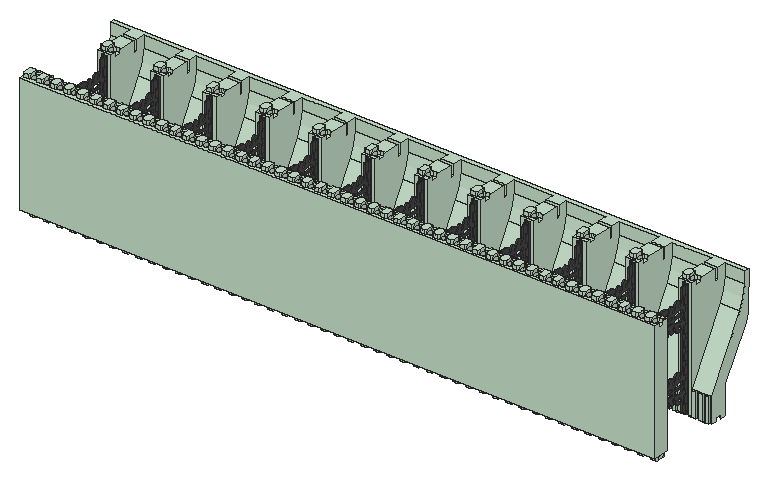
Revit family "ICF- NUDURA 8-inch- Brick Ledge Form Unit- Imperial", category Generic Models, Revit 2011 (continued)
Definition of nested family "NUDURA Brick Ledge Diamond Pattern"
  Lines and regions (in)
    model lines
      curve 3: line (2, -5.625, 4) -> (2, -5.625, 0)
      curve 4: arc (4.634, -5.625, 3.48484) -> (4.74384, -5.625, 3.75) -> (4.634, -5.625, 4.01517) r 0.375
      curve 5: line (4.29059, -5.625, 3.14142) -> (4.634, -5.625, 3.48484)
      curve 6: line (3.35367, -5.625, 3.48484) -> (3.69709, -5.625, 3.14142)
      curve 7: arc (3.35367, -5.625, 4.01517) -> (3.24384, -5.625, 3.75) -> (3.35367, -5.625, 3.48484) r 0.375
      curve 8: arc (4.17062, -5.625, 4.30178) -> (3.99384, -5.625, 4.375) -> (3.81706, -5.625, 4.30178) r 0.25
      curve 9: line (3.81706, -5.625, 4.30178) -> (3.44206, -5.625, 3.92678)
      curve 10: arc (3.44206, -5.625, 3.92678) -> (3.36884, -5.625, 3.75) -> (3.44206, -5.625, 3.57322) r 0.25
      curve 11: line (3.44206, -5.625, 3.57322) -> (3.81706, -5.625, 3.19822)
      curve 12: arc (3.81706, -5.625, 3.19822) -> (3.99384, -5.625, 3.125) -> (4.17062, -5.625, 3.19822) r 0.25
      curve 13: line (4.17062, -5.625, 3.19822) -> (4.54562, -5.625, 3.57322)
      curve 14: arc (4.54562, -5.625, 3.57322) -> (4.61884, -5.625, 3.75) -> (4.54562, -5.625, 3.92678) r 0.25
      curve 15: line (4.54562, -5.625, 3.92678) -> (4.17062, -5.625, 4.30178)
      curve 16: arc (3.69709, -5.625, 2.85858) -> (3.75567, -5.625, 3) -> (3.69709, -5.625, 3.14142) r 0.2
      curve 17: line (4.634, -5.625, 2.51517) -> (4.29059, -5.625, 2.85858)
      curve 18: arc (4.634, -5.625, 1.98484) -> (4.74384, -5.625, 2.25) -> (4.634, -5.625, 2.51517) r 0.375
      curve 19: line (4.29059, -5.625, 1.64142) -> (4.634, -5.625, 1.98484)
      curve 20: line (3.35367, -5.625, 1.98484) -> (3.69709, -5.625, 1.64142)
      curve 21: arc (3.35367, -5.625, 2.51517) -> (3.24384, -5.625, 2.25) -> (3.35367, -5.625, 1.98484) r 0.375
      curve 22: line (3.69709, -5.625, 2.85858) -> (3.35367, -5.625, 2.51517)
      curve 23: arc (4.17062, -5.625, 2.80178) -> (3.99384, -5.625, 2.875) -> (3.81706, -5.625, 2.80178) r 0.25
      curve 24: line (3.81706, -5.625, 2.80178) -> (3.44206, -5.625, 2.42678)
      curve 25: arc (3.44206, -5.625, 2.42678) -> (3.36884, -5.625, 2.25) -> (3.44206, -5.625, 2.07322) r 0.25
      curve 26: line (3.44206, -5.625, 2.07322) -> (3.81706, -5.625, 1.69822)
      curve 27: arc (3.81706, -5.625, 1.69822) -> (3.99384, -5.625, 1.625) -> (4.17062, -5.625, 1.69822) r 0.25
      curve 28: line (4.17062, -5.625, 1.69822) -> (4.54562, -5.625, 2.07322)
      curve 29: arc (4.54562, -5.625, 2.07322) -> (4.61884, -5.625, 2.25) -> (4.54562, -5.625, 2.42678) r 0.25
      curve 30: line (4.54562, -5.625, 2.42678) -> (4.17062, -5.625, 2.80178)
      curve 31: arc (3.69709, -5.625, 1.35858) -> (3.75567, -5.625, 1.5) -> (3.69709, -5.625, 1.64142) r 0.2
      curve 32: line (3.69709, -5.625, 1.35858) -> (3.35367, -5.625, 1.01517)
      curve 33: arc (3.35367, -5.625, 1.01517) -> (3.24384, -5.625, 0.75) -> (3.35367, -5.625, 0.48484) r 0.375
      curve 34: line (3.35367, -5.625, 0.48484) -> (3.72867, -5.625, 0.10984)
      curve 35: arc (3.72867, -5.625, 0.10984) -> (3.99384, -5.625, 0) -> (4.259, -5.625, 0.10984) r 0.375
      curve 36: line (4.259, -5.625, 0.10984) -> (4.634, -5.625, 0.48484)
      curve 37: arc (4.634, -5.625, 0.48484) -> (4.74384, -5.625, 0.75) -> (4.634, -5.625, 1.01517) r 0.375
      curve 38: line (4.634, -5.625, 1.01517) -> (4.29059, -5.625, 1.35858)
      curve 39: arc (4.29059, -5.625, 1.64142) -> (4.23201, -5.625, 1.5) -> (4.29059, -5.625, 1.35858) r 0.2
      curve 40: arc (4.17062, -5.625, 1.30178) -> (3.99384, -5.625, 1.375) -> (3.81706, -5.625, 1.30178) r 0.25
      curve 41: line (4.54562, -5.625, 0.92678) -> (4.17062, -5.625, 1.30178)
      curve 42: arc (4.54562, -5.625, 0.57322) -> (4.61884, -5.625, 0.75) -> (4.54562, -5.625, 0.92678) r 0.25
      curve 43: line (4.17062, -5.625, 0.19822) -> (4.54562, -5.625, 0.57322)
      curve 44: arc (3.81706, -5.625, 0.19822) -> (3.99384, -5.625, 0.125) -> (4.17062, -5.625, 0.19822) r 0.25
      curve 45: line (3.44206, -5.625, 0.57322) -> (3.81706, -5.625, 0.19822)
      curve 46: arc (3.44206, -5.625, 0.92678) -> (3.36884, -5.625, 0.75) -> (3.44206, -5.625, 0.57322) r 0.25
      curve 47: line (3.81706, -5.625, 1.30178) -> (3.44206, -5.625, 0.92678)
      curve 48: arc (4.29059, -5.625, 3.14142) -> (4.23201, -5.625, 3) -> (4.29059, -5.625, 2.85858) r 0.2
      curve 49: line (3.72867, -5.625, 4.39017) -> (3.35367, -5.625, 4.01517)
      curve 50: arc (4.259, -5.625, 4.39017) -> (3.99384, -5.625, 4.5) -> (3.72867, -5.625, 4.39017) r 0.375
      curve 51: line (4.634, -5.625, 4.01517) -> (4.259, -5.625, 4.39017)
